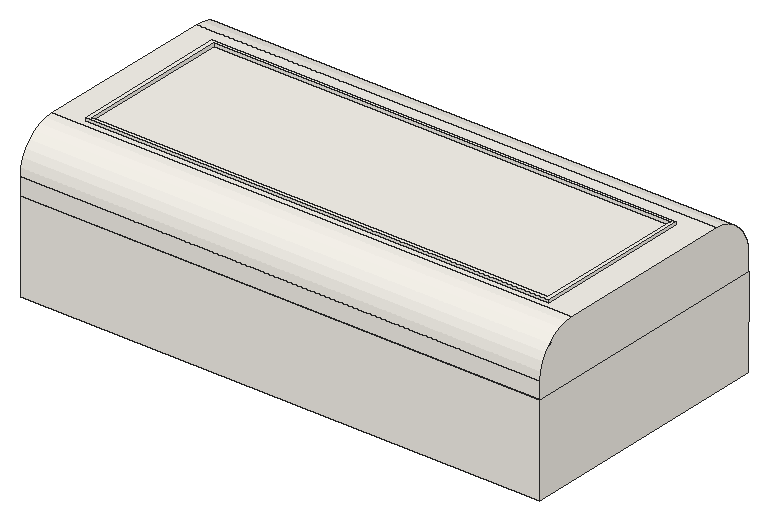
Revit family "Domotics-DomesticRanges-GEWISS-CHORUS_SIGNALLING-LAMP_EMERGENCY", category Apparecchi elettrici, host Superficie, Revit 2016
Family settings
  Host = Superficie
  Mantenere orientamento annotazione = Sì
  Tipo di parte = Normale
  Quota connettore circolare = Usa diametro
  Taglio con vuoti quando caricato = Sì
  Condiviso = Sì
  Punto di calcolo locali = Sì
Parameters (values of type "GW14666 - Emergency lamp 230V ac 50/60Hz 2h Titanium")
  finitura = GEWISS NERO
  Visibilità simbolo in pianta [instance] = yes
  Visibilità lampada [instance] = yes
  Version file RFA = "19.0"
  URL = "https://www.gewiss.com/ww/en"
  Type of lamp = "LED"
  Tipo_ = CHORUS LAMPADE EMERGENZA : GW14666 Lampada autonoma emergenza 230V ac 50/60Hz 2h titanio
  Technical sheet = "https://www.gewiss.com/ww/en/search?q=GW14666"
  Supply voltage = "230 V ac - 50/60 Hz"
  SEO = "Lamp"
  Realized by GEWISS S.p.A. = ""
  Power supply batteries = "Ni - Mh"
  Offset_lampada [instance] = 0 mm
  Produttore = "GEWISS S.p.A."
  Offset_bidimensionale = 2 mm
  Default Elevation = 1219.2 mm
  No. Chorus modules: = "4"
  No. Chorus modules = "4"
  Modello = "GW14666"
  Minimum autonomy = "1H"
  Larghezza_lampada = 23 mm
  Lamp = "LED"
  Immagine tipo = GW14666.jpg
  IDT = "f86042a5-691c-42dd-94bd-3c1ff62c387b"
  IDF = "4be92484-c745-42b6-9079-ad998218b90c"
  Electrocod = "0781"
  EAN code = "8011564268661"
  Duration = "1H"
  Distanza_x [instance] = 0 mm
  Distanza_effettiva_x [instance] = 1000 mm - Distanza_x  # 1000 mm
  Descrizione = "AUT. EMERGENCY LAMP 230V AC 50/60Hz 2h T"
  Description. = "Emergency lamp"
  Colour = "Titanium"
  Catalogue Range = "CHORUS - DOMESTIC RANGE"
  Catalogue = "DOMOTICS"
  COBie.Tagnumber = ""
  COBie.CreatedOn = ""
  COBie.CreatebBy = ""
  COBie.ComponentRegisterItemID = ""
  COBie.Component.TagNumber = ""
  COBie.Component.Space = ""
  COBie.Component.SerialNumber = ""
  COBie.Component.InstallationDate = ""
  COBie.Component.Description = ""
  COBie.Component.BarCode = ""
  Altezza_lampada = 45 mm
Types (6, lengths in mm): name | Tipo_ | Technical sheet | No. Chorus modules: | No. Chorus modules | Modello | Immagine tipo | IDT | EAN code | Descrizione | Colour
  GW10663 - Emergency lamp 2M 230V White | CHORUS LAMPADE EMERGENZA : GW10663 Lampada autonoma emergenza 2M 230V bianco | "https://www.gewiss.com/ww/en/search?q=GW10663" | "2" | "2" | "GW10663" | GW10663.jpg | "d6d9e898-99eb-4429-9bac-a7831e8353e9" | "8011564840225" | "AUT. EMERGENCY LAMP, 2M 230V WHITE" | "White"
  GW10666 - Emergency lamp 230V ac 50/60Hz 2h White | CHORUS LAMPADE EMERGENZA : GW10666 Lampada autonoma emergenza 230V ac 50/60Hz 2h bianco | "https://www.gewiss.com/ww/en/search?q=GW10666" | "4" | "4" | "GW10666" | GW10666.jpg | "8f95ce0a-f40a-4c7d-8723-8f49784b8741" | "8011564262935" | "AUT. EMERGENCY LAMP, 230VAC 50/60Hz 2h W" | "White"
  GW12663 - Emergency lamp 2M 230V Black | CHORUS LAMPADE EMERGENZA : GW12663 Lampada autonoma emergenza 2M 230V nero | "https://www.gewiss.com/ww/en/search?q=GW12663" | "2" | "2" | "GW12663" | GW12663.jpg | "da029316-5029-44f6-8d82-8724a72a7125" | "8011564840232" | "AUT. EMERGENCY LAMP, 2M 230V BLACK" | "Black"
  GW12666 - Emergency lamp 230V ac 50/60Hz 2h Black | CHORUS LAMPADE EMERGENZA : GW12666 Lampada autonoma emergenza 230V ac 50/60Hz 2h nero | "https://www.gewiss.com/ww/en/search?q=GW12666" | "4" | "4" | "GW12666" | GW12666.jpg | "116bcefa-7bd6-4125-ba5e-ad06159a8838" | "8011564267428" | "AUT. EMERGENCY LAMP 230V AC 50/60Hz 2h B" | "Black"
  GW14663 - Emergency lamp 2M 230V Titanium | CHORUS LAMPADE EMERGENZA : GW14663 Lampada autonoma emergenza 2M 230V titanio | "https://www.gewiss.com/ww/en/search?q=GW14663" | "2" | "2" | "GW14663" | GW14663.jpg | "7787549f-74ad-44c7-b91b-9d78642973f1" | "8011564840249" | "AUT. EMERGENCY LAMP, 2M 230V TITANIUM" | "Titanium"
  GW14666 - Emergency lamp 230V ac 50/60Hz 2h Titanium | CHORUS LAMPADE EMERGENZA : GW14666 Lampada autonoma emergenza 230V ac 50/60Hz 2h titanio | "https://www.gewiss.com/ww/en/search?q=GW14666" | "4" | "4" | "GW14666" | GW14666.jpg | "f86042a5-691c-42dd-94bd-3c1ff62c387b" | "8011564268661" | "AUT. EMERGENCY LAMP 230V AC 50/60Hz 2h T" | "Titanium"
Reference planes
  plane 1 "Centro (Fronte/Retro)": y = 0
  plane 2: z = 0
  plane 3 "Centro (Sinistra/Destra)": x = 0
  plane 4: x = -1000
  plane 5: x = 0
  plane 6: z = 0
  plane 7: z = 26
  plane 8 "bd": z = 28
Lines and regions (mm)
  Masking region 1
    outline origin (0, 0, 0) x (1, 0, 0) y (0, 0, 1)
      loop
        line (-46, 26.5) -> (-46, 0) -> (46, 0) -> (46, 26.5) -> (-46, 26.5)
  Masking region 2
    outline origin (0, 0, 0) x (0, 1, 0) y (0, 0, 1)
      loop
        line (-23.546, 26.5) -> (-23.546, 0) -> (22.454, 0) -> (22.454, 26.5) -> (-23.546, 26.5)
Dimensions and locks
  plane 4 to plane 3 "Centro (Sinistra/Destra)" = 1000 mm
  "Distanza_effettiva_x": plane 4 to plane 5
  "Offset_lampada": plane 6 to host face
  locked: plane 7 to plane 6 at 26
  "Offset_bidimensionale": plane 8 "bd" to plane 7
  aligned and locked: plane 2 to host face
  aligned and locked: level to host face
  aligned and locked: nested 1 to plane 5
  aligned and locked: nested 1 to plane 6
  aligned and locked: plane 5 to nested 2
  aligned and locked: Masking region 1 sketch curve to nested 1  (x3)
  aligned and locked: plane 6 to Masking region 1 sketch curve
  aligned and locked: import instance to plane 8 "bd"
  aligned and locked: Masking region 2 sketch curve to nested 1
  aligned and locked: plane 6 to Masking region 2 sketch curve
  aligned and locked: Masking region 2 to nested 1
  aligned and locked: nested 1 to import instance
Automatic sketch dimensions
  host sketch curve to host sketch curve = 2438.4 mm  (x2)
  plane 1 "Centro (Fronte/Retro)" to Masking region 2 sketch curve = 23.546 mm
  Masking region 2 sketch curve to plane 8 "bd" = 1.5 mm
Nested families
  nested 1: "CHORUS LAMPADE EMERGENZA" at (0, 9.654, 0) x (0, -1, 0) z (0, 0, 1), visible <- "Visibilità lampada", type <- "Tipo_", type "GW14666 Lampada autonoma emergenza 230V ac 50/60Hz 2h titanio", detail levels medium+fine
    with Spostamento_y_effettivo_etichetta 1000 mm, Spostamento_X_etichetta 0 mm, Spostamento_X_effettivo_etichetta 1000 mm, Distanza orizzontale del simbolo 0 mm, Distanza dal muro 4.208 mm, Cornice simbolo yes, L 92 mm, H 46 mm
  nested 2: "LAMPEMERG" at (0, 209.005, 0), SIMBOLO <- "Visibilità lampada", type "LAMPEMERG"
Definition of nested family "CHORUS LAMPADE EMERGENZA"
  Parameters (values of type "GW14666 Lampada autonoma emergenza 230V ac 50/60Hz 2h titanio")
    Spostamento_y_effettivo_etichetta [instance] = 1000 mm
    Spostamento_X_etichetta [instance] = 0 mm
    Spostamento_X_effettivo_etichetta [instance] = 1000 mm - Spostamento_X_etichetta  # 1000 mm
    Default Elevation = 1219.2 mm
    Manufacturer = "GEWISS"
    Model = "GW14666"
    Materiale = none
    L = 46 mm
    Type Image = (empty or 0)
    IFC.TypeObject = ""
    IFC.ExportType = ""
    IFC.ExportAs = ""
    H = 45 mm
    Distanza orizzontale del simbolo [instance] = 0 mm
    Distanza dal muro [instance] = 4.208 mm
    Description = ""
    Cornice simbolo [instance] = yes
    Type Comments = ""
    COBie.CreatedOn = ""
    COBie.CreatebBy = ""
    COBie.ComponentRegisterItemID = ""
    COBie.Component.TagNumber = ""
    COBie.Component.Space = ""
    COBie.Component.SerialNumber = ""
    COBie.Component.InstallationDate = ""
    COBie.Component.Description = ""
    COBie.Component.BarCode = ""
  Types (6, lengths in mm): name | Model | L | H
    GW14666 Lampada autonoma emergenza 230V ac 50/60Hz 2h titanio | "GW14666" | 46 | 45
    GW14663 Lampada autonoma emergenza 2M 230V titanio | "GW14663" | 92 | 46
    GW12666 Lampada autonoma emergenza 230V ac 50/60Hz 2h nero | "GW12666" | 46 | 45
    GW12663 Lampada autonoma emergenza 2M 230V nero | "GW12633" | 92 | 46
    GW10666 Lampada autonoma emergenza 230V ac 50/60Hz 2h bianco | "GW10666" | 46 | 45
    GW10663 Lampada autonoma emergenza 2M 230V bianco | "GW10663" | 92 | 46
  Reference planes
    plane 1 "Centro (Fronte/Retro)": y = 0
    plane 2: z = 0
    plane 3 "Centro (Sinistra/Destra)": x = 0
    plane 4: x = 33.2
    plane 5: x = -11.8
    plane 6: x = 0
    plane 7: x = 10.7
    plane 8: y = 23
    plane 9: y = -23
    plane 10: through (-60.367, 53, 1200) normal (0.9613, 0.2756, 0)
    plane 11: through (-48.369, -19.812, 1200) normal (-0.6428, 0.766, 0)
    plane 12: z = 16
    plane 13: x = 17.255
    plane 14: y = 5
    plane 15: y = -5
    plane 16: x = 2.054
    plane 17: y = 4.5
    plane 18: x = 2.554
    plane 19: x = 16.755
    plane 20: y = -4.5
    plane 21: z = 26.5
    plane 22 "a": z = 26
    plane 23: y = -22
    plane 24: y = 22
  Forms (mm)
    Extrusion 1, solid, material <- "Materiale"
      sketch origin (0, 0, 0) x (1, 0, 0) y (0, 0, 1)
        loop
          line (-11.8, 19) -> (-11.8, 16) -> (33.2, 16) -> (33.2, 19)
          arc (33.2, 19) -> (31.15, 23.95) -> (26.2, 26) r 7
          line (26.2, 26) -> (-4.8, 26)
          arc (-4.8, 26) -> (-9.75, 23.95) -> (-11.8, 19) r 7
      from -23 to 23
    Extrusion 2, solid, material <- "Materiale"
      sketch origin (0, 0, 0) x (1, 0, 0) y (0, 0, 1)
        loop
          line (-11.8, 0) -> (33.2, 0) -> (33.2, 16) -> (-11.8, 16) -> (-11.8, 0)
      from -23 to 23
    Extrusion 3, solid, material <- "Materiale"
      sketch origin (0, 4.812, 0) x (1, 0, 0) y (0, 1, 0)
        loop
          line (-2.946, 13.188) -> (-2.946, -22.812) -> (25.067, -22.812) -> (25.067, 13.188) -> (-2.946, 13.188)
        loop
          line (-2.446, 12.688) -> (-2.446, -22.063) -> (24.567, -22.063) -> (24.567, 12.688) -> (-2.446, 12.688)
      from 26 to 26.5
  Text (mm)
    text "B=C*A" at (54.401, 20.009, 0), in view "Livello rif."
  Dimensions and locks
    equal spacing: plane 8, plane 1 "Centro (Fronte/Retro)", plane 9
    "L": plane 8 to plane 9
    equal spacing: plane 5, plane 7, plane 4
    "H": plane 5 to plane 4
    locked: plane 12 to plane 2 at 16
    equal spacing: plane 14, plane 1 "Centro (Fronte/Retro)", plane 15
    locked: plane 14 to plane 17 at 0.5
    locked: plane 16 to plane 18 at 0.5
    locked: plane 20 to plane 15 at 0.5
    locked: plane 19 to plane 13 at 0.5
    locked: plane 21 to Extrusion 1 at 0.5
    locked: Extrusion 3 to plane 9 at 5
    locked: plane 8 to Extrusion 3 at 5
    locked: Extrusion 3 to Extrusion 3 at 0.5
    locked: Extrusion 3 to Extrusion 3 at 0.75
    angle plane 1 "Centro (Fronte/Retro)" to plane 7 = 90.00°
    angle plane 11 to plane 10 = 66.00°
    angle plane 10 to plane 11 = 114.00°
    aligned and locked: level to plane 2
    aligned and locked: Extrusion 1 sketch curve to plane 5
    aligned and locked: Extrusion 1 sketch curve to plane 4
    aligned and locked: plane 8 to Extrusion 1
    aligned and locked: Extrusion 1 to plane 9
    aligned and locked: plane 12 to Extrusion 1 sketch curve
    aligned and locked: Extrusion 2 sketch curve to plane 12
    aligned and locked: Extrusion 2 sketch curve to plane 5
    aligned and locked: plane 4 to Extrusion 2 sketch curve
    aligned and locked: Extrusion 2 sketch curve to plane 2
    aligned and locked: plane 8 to Extrusion 2
    aligned and locked: Extrusion 2 to plane 9
    aligned and locked: Extrusion 3 to Extrusion 1
    aligned and locked: Extrusion 3 to plane 21
  Automatic sketch dimensions
    Extrusion 1 sketch curve to Extrusion 1 sketch curve = 3 mm
    plane 5 to Extrusion 1 sketch curve = 7 mm
    Extrusion 1 sketch curve to plane 4 = 7 mm
    plane 13 to Extrusion 3 sketch curve = 7.313 mm
    plane 13 to Extrusion 3 sketch curve = 7.813 mm
    plane 16 to Extrusion 3 sketch curve = 4.5 mm
    plane 16 to Extrusion 3 sketch curve = 5 mm
    plane 14 to Extrusion 3 sketch curve = 12.5 mm
    Extrusion 3 sketch curve to plane 15 = 12.25 mm
    plane 23 to Extrusion 3 sketch curve = 4 mm
    Extrusion 3 sketch curve to plane 24 = 4 mm
Definition of nested family "LAMPEMERG"
  Parameters (values of type "LAMPEMERG")
    SIMBOLO [instance] = yes
    Distanza dal muro [instance] = 4.208 mm
    BORDO ACCESO [instance] = yes
  Reference planes
    plane 1: y = 0
    plane 2: x = 0
  Nested families
    nested 1: "LAMPEMERGE_BASE" at (0, 1.25, 0), BORDO ACCESO <- "BORDO ACCESO", visible <- "SIMBOLO", SIMBOLO <- "SIMBOLO", type "LAMPEMERG"
      with BORDO ACCESO yes
  Definition of nested family "LAMPEMERGE_BASE"
    Parameters (values of type "LAMPEMERG")
      SIMBOLO [instance] = yes
      Distanza dal muro = 4.208 mm
      BORDO ACCESO [instance] = yes
    Reference planes
      plane 1: y = 0
      plane 2: x = 0
    Lines and regions (mm)
      detail lines, visible <- "BORDO ACCESO", not visible
        curve 1: line (-1.743, 9.208, 0) -> (2.057, 9.208, 0)
        curve 2: line (2.057, 9.208, 0) -> (2.057, 4.208, 0)
        curve 3: line (2.057, 4.208, 0) -> (-1.743, 4.208, 0)
        curve 4: line (-1.743, 4.208, 0) -> (-1.743, 9.208, 0)
        curve 5: line (-1.543, 9.008, 0) -> (1.857, 9.008, 0)
        curve 6: line (1.857, 9.008, 0) -> (1.857, 4.408, 0)
        curve 7: line (1.857, 4.408, 0) -> (-1.543, 4.408, 0)
        curve 8: line (-1.543, 4.408, 0) -> (-1.543, 9.008, 0)
      detail lines, visible <- "SIMBOLO"
        curve 9: line (-0.307, 1.553, 0) -> (-0.307, 0.939, 0)
        curve 10: line (-0.307, 0.939, 0) -> (0.307, 0.939, 0)
        curve 11: line (0.307, 0.939, 0) -> (0.307, 1.553, 0)
        curve 12: line (0.307, 1.553, 0) -> (-0.307, 1.553, 0)
        curve 13: line (-0.307, 1.553, 0) -> (-0.07, 1.316, 0)
        curve 14: line (-0.07, 1.175, 0) -> (-0.307, 0.939, 0)
        curve 15: line (-0.803, 1.647, 0) -> (-0.803, 0.845, 0)
        curve 16: line (-0.803, 0.845, 0) -> (0.803, 0.845, 0)
        curve 17: line (0.803, 0.845, 0) -> (0.803, 1.647, 0)
        curve 18: line (0.803, 1.647, 0) -> (-0.803, 1.647, 0)
        curve 19: line (0.071, 1.175, 0) -> (0.307, 0.939, 0)
        curve 20: line (0.307, 1.553, 0) -> (0.071, 1.316, 0)
